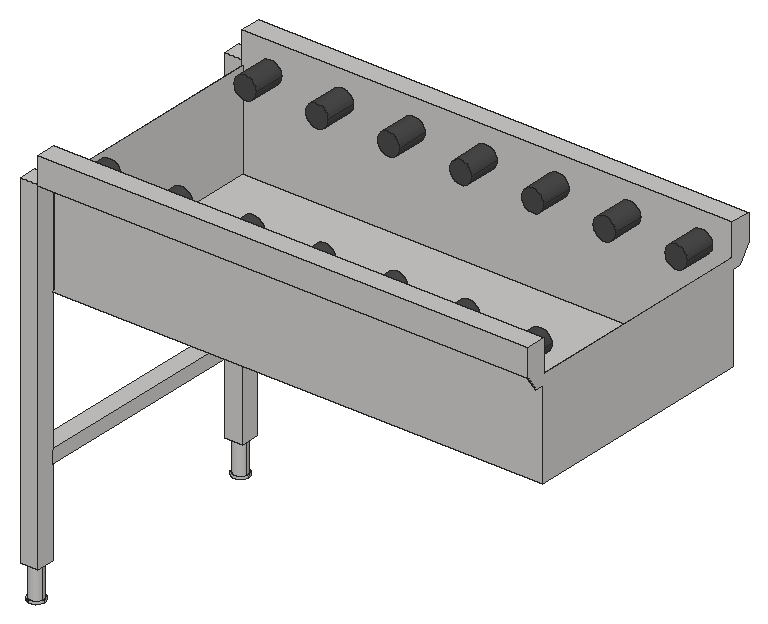
Revit family "QF_ELECTROLUXPROFESSIONAL_865211_HSSRDB11", category Specialty Equipment, Revit 2018
Family settings
  Round Connector Dimension = Use Diameter
  Part Type = Normal
  Work Plane-Based = No
  Always vertical = Yes
  Cut with Voids When Loaded = No
  Shared = No
  Room Calculation Point = No
Parameters
  Weight = 0.00 kg
  Watts = 0 W
  Volts = 0 V
  URL Manufacturer = "http://professional.electrolux.com/"
  URL = "http://professional.electrolux.com/"
  Steam Supply Size = 0 mm
  Steam Supply Minimum Pressure = 0.0 Pa
  Steam Supply Maximum Pressure = 0.0 Pa
  Steam Pounds per Hour = 0
  Refrigeration Suction Line Size = 0 mm
  Refrigeration Liquid Line Size = 0 mm
  Refrigerant Compressor Remote = yes
  Manufacturer = "Electrolux"
  Phase = 0
  Model = "HSSRDB11"
  Length Actual = 1100 mm  # constant formula
  Item Number = "865211"
  Hot Water Size = 0 mm
  Height Actual = 910 mm  # constant formula
  HP = "0 HP"
  Gas Size = 0 mm
  Gas KW = 0
  Gas Input Pressure = 0 W
  Description = "SHORT ROLLER CONVEYOR WITH DEEP BASIN, L=1100MM"
  Depth Actual = 620 mm  # constant formula
  Cycle = 0 Hz
  Condensate Return Size = 0 mm
  Compressed Air Volume = 0.0 L/s
  Compressed Air Size = 0 mm
  Compressed Air Pressure = 0.0 Pa
  Cold Water Size = 0 mm
  Accessory = yes
Reference planes
  plane 1 "Centro (Fronte/Retro)": y = 74.737
  plane 2: z = 0
  plane 3 "LEFT": x = -1038.761
  plane 4 "BACK": y = 384.737
  plane 5 "FRONT": y = -235.263
  plane 6: z = 910
  plane 7 "RIGHT": x = 61.239
Forms (mm)
  Extrusion 1, solid, material "QF_Finishes_Stainless Steel"
    sketch origin (0, 74.737, 0) x (1, 0, 0) y (0, 0, 1)
      loop
        line (-1079.929, 300) -> (-1079.929, 270) -> (-1039.929, 270) -> (-1039.929, 300) -> (-1079.929, 300)
    from -266.504 to 266.46
  Extrusion 2, solid, material "QF_Finishes_Stainless Steel"
    sketch origin (11.239, 0, 0) x (0, 1, 0) y (0, 0, 1)
      loop
        line (-235.263, 910) -> (-235.263, 850.033) -> (-190.242, 850.033) -> (-190.242, 910) -> (-235.263, 910)
      loop
        line (384.737, 910) -> (339.716, 910) -> (339.716, 850.033) -> (384.737, 850.033) -> (384.737, 910)
    from -1048.8 to 48.8
  Extrusion 3, solid, material "QF_Finishes_Stainless Steel"
    sketch origin (11.239, 0, 0) x (0, 1, 0) y (0, 0, 1)
      loop
        line (-191.727, 850.033) -> (-191.727, 618.033) -> (341.245, 618.033) -> (341.245, 850.033) -> (339.716, 850.033) -> (339.716, 621.033) -> (-190.242, 621.033) -> (-190.242, 850.033) -> (-191.727, 850.033)
    from -1048.8 to 50
  Extrusion 4, solid, material "QF_Finishes_Stainless Steel"
    sketch origin (1061.239, 723.253, 4000) x (0, 1, 0) y (0, 0, 1)
      loop
        line (-958.516, -3090) -> (-958.516, -3149.967) -> (-934.752, -3185.632) -> (-914.981, -3185.632) -> (-914.981, -3381.967) -> (-382.009, -3381.967) -> (-382.009, -3185.632) -> (-362.281, -3185.632) -> (-338.516, -3149.967) -> (-338.516, -3090) -> (-383.538, -3090) -> (-383.538, -3161.926) -> (-913.495, -3161.926) -> (-913.495, -3090) -> (-958.516, -3090)
    from -1000 to -1001.2
  Revolve 5, solid, material "QF_Finishes_Stainless Steel"
    sketch origin (-488.761, 0, 0) x (0, 1, 0) y (0, 0, 1)
      loop
        line (74.737, 618.033) -> (-1.756, 618.033) -> (-1.756, 601.823) -> (0.354, 601.823)
        arc (0.354, 601.823) -> (3.64, 597.973) -> (0.351, 594.125) r 3.897
        line (0.351, 594.125) -> (-1.756, 594.125) -> (-1.756, 551.31)
        arc (-1.756, 551.31) -> (8.91, 520.632) -> (36.296, 503.17) r 49.497
        line (36.296, 503.17) -> (36.296, 500.684) -> (37.487, 497.398) -> (51.25, 491.407) -> (51.25, 455.535) -> (52.727, 454.059) -> (74.737, 454.059) -> (74.737, 618.033)
      axis (74.737, 454.059) -> (74.737, 618.033)
    angle from 0 to 360
  Extrusion 6, solid, material "QF_Finishes_Stainless Steel"
    sketch origin (-537.561, 723.253, 4000) x (0, 1, 0) y (0, 0, 1)
      loop
        line (-958.516, -3090) -> (-958.516, -3149.967) -> (-914.981, -3149.967) -> (-914.981, -3381.967) -> (-382.009, -3381.967) -> (-382.009, -3149.967) -> (-338.516, -3149.967) -> (-338.516, -3090) -> (-383.538, -3090) -> (-383.538, -3161.926) -> (-913.495, -3161.926) -> (-913.495, -3090) -> (-958.516, -3090)
    from -500 to -501.2
  Extrusion 7, solid, material "QF_Finishes_Black"
    sketch origin (0, 74.737, 0) x (1, 0, 0) y (0, 0, -1)
      loop
        circle (-972.513, -850.115) r 25
      loop
        circle (-811.227, -850.115) r 25
      loop
        circle (-649.994, -850.115) r 25
      loop
        circle (-488.761, -850.115) r 25
      loop
        circle (-327.475, -850.115) r 25
      loop
        circle (-166.242, -850.115) r 25
      loop
        circle (-5.035, -850.115) r 25
    from 190.58 to 260.534
  Extrusion 8, solid, material "QF_Finishes_Black"
    sketch origin (0, 74.737, 0) x (1, 0, 0) y (0, 0, 1)
      loop
        circle (-972.513, 850.115) r 25
      loop
        circle (-811.227, 850.115) r 25
      loop
        circle (-649.994, 850.115) r 25
      loop
        circle (-488.761, 850.115) r 25
      loop
        circle (-327.475, 850.115) r 25
      loop
        circle (-166.242, 850.115) r 25
      loop
        circle (-5.035, 850.115) r 25
    from 190.58 to 260.534
Cuts and joins
  joined: Extrusion 2, Extrusion 3, Extrusion 4, Revolve 5, Extrusion 6
Lines and regions (mm)
  Split face 1
    outline origin (559.439, 339.716, 621.033) x (-1, 0, 0) y (0, -1, 0)
      loop
        circle (1048.2, 264.904) r 3.016
  Split face 2
    outline origin (559.439, 339.716, 621.033) x (-1, 0, 0) y (0, -1, 0)
      loop
        circle (1048.2, 264.904) r 52.991
  Split face 3
    outline origin (559.439, 339.716, 621.033) x (-1, 0, 0) y (0, -1, 0)
      loop
        circle (1048.2, 264.904) r 36.015
  Split face 4
    outline origin (559.439, 339.716, 621.033) x (-1, 0, 0) y (0, -1, 0)
      loop
        circle (1048.2, 264.904) r 26.027
  Split face 5
    outline origin (559.439, 339.716, 621.033) x (-1, 0, 0) y (0, -1, 0)
      loop
        circle (1048.2, 264.904) r 9.056
  Masking region 1
    outline origin (0, 0, 0) x (1, 0, 0) y (0, 1, 0)
      loop
        line (-1038.761, 384.737) -> (-1038.761, -235.263) -> (61.239, -235.263) -> (61.239, 384.737) -> (-1038.761, 384.737)
  symbolic lines
    curve 1: line (61.239, 384.737, 0) -> (-1038.761, 384.737, 0)
    curve 2: line (-1038.761, 384.737, 0) -> (-1038.761, -235.263, 0)
    curve 3: line (-1038.761, 339.716, 0) -> (61.239, 339.716, 0)
    curve 4: line (-1038.761, -235.263, 0) -> (61.239, -235.263, 0)
    curve 5: line (61.239, -235.263, 0) -> (61.239, 384.737, 0)
    curve 6: line (61.239, -190.242, 0) -> (-1038.761, -190.242, 0)
    curve 7: line (-947.513, 335.271, 0) -> (-997.513, 335.271, 0)
    curve 8: line (-997.513, 335.271, 0) -> (-997.513, 265.317, 0)
    curve 9: line (-997.513, 265.317, 0) -> (-947.513, 265.317, 0)
    curve 10: line (-947.513, 265.317, 0) -> (-947.513, 335.271, 0)
    curve 11: line (-786.227, 335.271, 0) -> (-836.227, 335.271, 0)
    curve 12: line (-836.227, 335.271, 0) -> (-836.227, 265.317, 0)
    curve 13: line (-836.227, 265.317, 0) -> (-786.227, 265.317, 0)
    curve 14: line (-786.227, 265.317, 0) -> (-786.227, 335.271, 0)
    curve 15: line (-624.994, 335.271, 0) -> (-674.994, 335.271, 0)
    curve 16: line (-674.994, 335.271, 0) -> (-674.994, 265.317, 0)
    curve 17: line (-674.994, 265.317, 0) -> (-624.994, 265.317, 0)
    curve 18: line (-624.994, 265.317, 0) -> (-624.994, 335.271, 0)
    curve 19: line (-463.761, 335.271, 0) -> (-513.761, 335.271, 0)
    curve 20: line (-513.761, 335.271, 0) -> (-513.761, 265.317, 0)
    curve 21: line (-513.761, 265.317, 0) -> (-463.761, 265.317, 0)
    curve 22: line (-463.761, 265.317, 0) -> (-463.761, 335.271, 0)
    curve 23: line (-302.475, 335.271, 0) -> (-352.475, 335.271, 0)
    curve 24: line (-352.475, 335.271, 0) -> (-352.475, 265.317, 0)
    curve 25: line (-352.475, 265.317, 0) -> (-302.475, 265.317, 0)
    curve 26: line (-302.475, 265.317, 0) -> (-302.475, 335.271, 0)
    curve 27: line (-191.242, 335.271, 0) -> (-141.242, 335.271, 0)
    curve 28: line (-141.242, 335.271, 0) -> (-141.242, 265.317, 0)
    curve 29: line (-141.242, 265.317, 0) -> (-191.242, 265.317, 0)
    curve 30: line (-191.242, 265.317, 0) -> (-191.242, 335.271, 0)
    curve 31: line (19.965, 335.271, 0) -> (-30.035, 335.271, 0)
    curve 32: line (-30.035, 335.271, 0) -> (-30.035, 265.317, 0)
    curve 33: line (-30.035, 265.317, 0) -> (19.965, 265.317, 0)
    curve 34: line (19.965, 265.317, 0) -> (19.965, 335.271, 0)
    curve 35: line (-947.513, -185.797, 0) -> (-997.513, -185.797, 0)
    curve 36: line (-997.513, -185.797, 0) -> (-997.513, -115.842, 0)
    curve 37: line (-997.513, -115.842, 0) -> (-947.513, -115.842, 0)
    curve 38: line (-947.513, -115.842, 0) -> (-947.513, -185.797, 0)
    curve 39: line (-786.227, -185.797, 0) -> (-836.227, -185.797, 0)
    curve 40: line (-836.227, -185.797, 0) -> (-836.227, -115.842, 0)
    curve 41: line (-836.227, -115.842, 0) -> (-786.227, -115.842, 0)
    curve 42: line (-786.227, -115.842, 0) -> (-786.227, -185.797, 0)
    curve 43: line (-624.994, -185.797, 0) -> (-674.994, -185.797, 0)
    curve 44: line (-674.994, -185.797, 0) -> (-674.994, -115.842, 0)
    curve 45: line (-674.994, -115.842, 0) -> (-624.994, -115.842, 0)
    curve 46: line (-624.994, -115.842, 0) -> (-624.994, -185.797, 0)
    curve 47: line (-463.761, -185.797, 0) -> (-513.761, -185.797, 0)
    curve 48: line (-513.761, -185.797, 0) -> (-513.761, -115.842, 0)
    curve 49: line (-513.761, -115.842, 0) -> (-463.761, -115.842, 0)
    curve 50: line (-463.761, -115.842, 0) -> (-463.761, -185.797, 0)
    curve 51: line (-302.475, -185.797, 0) -> (-352.475, -185.797, 0)
    curve 52: line (-352.475, -185.797, 0) -> (-352.475, -115.842, 0)
    curve 53: line (-352.475, -115.842, 0) -> (-302.475, -115.842, 0)
    curve 54: line (-302.475, -115.842, 0) -> (-302.475, -185.797, 0)
    curve 55: line (-191.242, -185.797, 0) -> (-141.242, -185.797, 0)
    curve 56: line (-141.242, -185.797, 0) -> (-141.242, -115.842, 0)
    curve 57: line (-141.242, -115.842, 0) -> (-191.242, -115.842, 0)
    curve 58: line (-191.242, -115.842, 0) -> (-191.242, -185.797, 0)
    curve 59: line (19.965, -185.797, 0) -> (-30.035, -185.797, 0)
    curve 60: line (-30.035, -185.797, 0) -> (-30.035, -115.842, 0)
    curve 61: line (-30.035, -115.842, 0) -> (19.965, -115.842, 0)
    curve 62: line (19.965, -115.842, 0) -> (19.965, -185.797, 0)
    curve 63: line (61.239, 74.737, 0) -> (31.239, 74.737, 0)
    curve 64: line (-1038.761, 74.737, 0) -> (-1008.761, 74.737, 0)
    curve 65: arc (-488.761, -1.756, 0) -> (-565.254, 74.737, 0) -> (-488.761, 151.231, 0) r 76.494
    curve 66: arc (-488.761, 151.231, 0) -> (-412.267, 74.737, 0) -> (-488.761, -1.756, 0) r 76.494
    curve 67: arc (-488.761, 96.747, 0) -> (-510.771, 74.737, 0) -> (-488.761, 52.727, 0) r 22.01
    curve 68: arc (-488.761, 52.727, 0) -> (-466.751, 74.737, 0) -> (-488.761, 96.747, 0) r 22.01
Dimensions and locks
  plane 3 "LEFT" to plane 7 "RIGHT" = 1100 mm
  equal spacing: plane 4 "BACK", plane 1 "Centro (Fronte/Retro)", plane 5 "FRONT"
  plane 4 "BACK" to plane 5 "FRONT" = 620 mm
  aligned and locked: level to plane 2
Automatic sketch dimensions
  Extrusion 1 sketch curve to plane 3 "LEFT" = 41.168 mm
  Extrusion 1 sketch curve to plane 3 "LEFT" = 1.168 mm
  level to Extrusion 1 sketch curve = 270 mm
  Extrusion 1 sketch curve to Extrusion 1 sketch curve = 30 mm
  Extrusion 2 sketch curve to plane 5 "FRONT" = 0 mm
  Extrusion 2 sketch curve to plane 6 = 0 mm  (x2)
  Extrusion 2 sketch curve to plane 4 "BACK" = 0 mm
  plane 5 "FRONT" to Extrusion 2 sketch curve = 45.021 mm
  Extrusion 2 sketch curve to plane 4 "BACK" = 45.021 mm
  Extrusion 2 sketch curve to Extrusion 2 sketch curve = 59.967 mm  (x2)
  plane 5 "FRONT" to Extrusion 3 sketch curve = 43.536 mm
  Extrusion 3 sketch curve to Extrusion 3 sketch curve = 1.486 mm
  Extrusion 3 sketch curve to plane 4 "BACK" = 45.021 mm
  Extrusion 3 sketch curve to Extrusion 3 sketch curve = 1.529 mm
  Extrusion 3 sketch curve to plane 6 = 291.967 mm
  Extrusion 3 sketch curve to Extrusion 3 sketch curve = 3 mm
  Extrusion 3 sketch curve to plane 6 = 59.967 mm  (x2)
  Extrusion 4 sketch curve to plane 5 "FRONT" = 0 mm
  Extrusion 4 sketch curve to plane 6 = 0 mm  (x2)
  Extrusion 4 sketch curve to plane 4 "BACK" = 0 mm
  plane 5 "FRONT" to Extrusion 4 sketch curve = 23.764 mm
  plane 5 "FRONT" to Extrusion 4 sketch curve = 43.536 mm
  plane 5 "FRONT" to Extrusion 4 sketch curve = 45.021 mm
  Extrusion 4 sketch curve to plane 4 "BACK" = 45.021 mm
  Extrusion 4 sketch curve to plane 4 "BACK" = 43.492 mm
  Extrusion 4 sketch curve to Extrusion 4 sketch curve = 19.728 mm
  Extrusion 4 sketch curve to Extrusion 4 sketch curve = 59.967 mm  (x2)
  Extrusion 4 sketch curve to Extrusion 4 sketch curve = 11.959 mm
  Extrusion 4 sketch curve to Extrusion 4 sketch curve = 23.706 mm  (x2)
  Extrusion 4 sketch curve to Extrusion 4 sketch curve = 196.335 mm
  Revolve 5 sketch curve to plane 1 "Centro (Fronte/Retro)" = 0 mm  (x2)
  plane 1 "Centro (Fronte/Retro)" to Revolve 5 sketch curve = 22.01 mm
  plane 1 "Centro (Fronte/Retro)" to Revolve 5 sketch curve = 23.487 mm
  plane 1 "Centro (Fronte/Retro)" to Revolve 5 sketch curve = 26.996 mm
  Revolve 5 sketch curve to Revolve 5 sketch curve = 13.764 mm
  Revolve 5 sketch curve to Revolve 5 sketch curve = 1.191 mm
  Revolve 5 sketch curve to Revolve 5 sketch curve = 47.387 mm
  Revolve 5 sketch curve to Revolve 5 sketch curve = 0.003 mm
  Revolve 5 sketch curve to Revolve 5 sketch curve = 0.61 mm
  Revolve 5 sketch curve to Revolve 5 sketch curve = 2.107 mm
  Revolve 5 sketch curve to Revolve 5 sketch curve = 2.11 mm
  level to Revolve 5 sketch curve = 454.059 mm
  Revolve 5 sketch curve to Revolve 5 sketch curve = 1.476 mm
  Revolve 5 sketch curve to Revolve 5 sketch curve = 35.872 mm
  Revolve 5 sketch curve to Revolve 5 sketch curve = 5.991 mm
  Revolve 5 sketch curve to Revolve 5 sketch curve = 3.286 mm
  Revolve 5 sketch curve to Revolve 5 sketch curve = 2.486 mm
  Revolve 5 sketch curve to Revolve 5 sketch curve = 48.139 mm
  Revolve 5 sketch curve to Revolve 5 sketch curve = 42.815 mm
  Revolve 5 sketch curve to Revolve 5 sketch curve = 3.849 mm
  Revolve 5 sketch curve to Revolve 5 sketch curve = 66.706 mm
  Revolve 5 sketch curve to Revolve 5 sketch curve = 3 mm
  Revolve 5 sketch curve to Revolve 5 sketch curve = 14.991 mm
  cut or joined group of Extrusion 2, Extrusion 3, Extrusion 4, Revolve 5, Extrusion 6 to Split face 1 sketch curve = 264.904 mm
  cut or joined group of Extrusion 2, Extrusion 3, Extrusion 4, Revolve 5, Extrusion 6 to Split face 1 sketch curve = 548.8 mm
  cut or joined group of Extrusion 2, Extrusion 3, Extrusion 4, Revolve 5, Extrusion 6 to Split face 2 sketch curve = 264.904 mm
  cut or joined group of Extrusion 2, Extrusion 3, Extrusion 4, Revolve 5, Extrusion 6 to Split face 2 sketch curve = 548.8 mm
  cut or joined group of Extrusion 2, Extrusion 3, Extrusion 4, Revolve 5, Extrusion 6 to Split face 3 sketch curve = 264.904 mm
  cut or joined group of Extrusion 2, Extrusion 3, Extrusion 4, Revolve 5, Extrusion 6 to Split face 3 sketch curve = 548.8 mm
  cut or joined group of Extrusion 2, Extrusion 3, Extrusion 4, Revolve 5, Extrusion 6 to Split face 4 sketch curve = 264.904 mm
  cut or joined group of Extrusion 2, Extrusion 3, Extrusion 4, Revolve 5, Extrusion 6 to Split face 4 sketch curve = 548.8 mm
  cut or joined group of Extrusion 2, Extrusion 3, Extrusion 4, Revolve 5, Extrusion 6 to Split face 5 sketch curve = 264.904 mm
  cut or joined group of Extrusion 2, Extrusion 3, Extrusion 4, Revolve 5, Extrusion 6 to Split face 5 sketch curve = 548.8 mm
  Masking region 1 sketch curve to plane 3 "LEFT" = 0 mm
  Masking region 1 sketch curve to plane 5 "FRONT" = 0 mm
  Masking region 1 sketch curve to plane 7 "RIGHT" = 0 mm
  Masking region 1 sketch curve to plane 4 "BACK" = 0 mm
  Extrusion 6 sketch curve to plane 5 "FRONT" = 0 mm
  Extrusion 6 sketch curve to plane 6 = 0 mm  (x2)
  Extrusion 6 sketch curve to plane 4 "BACK" = 0 mm
  plane 5 "FRONT" to Extrusion 6 sketch curve = 43.536 mm
  plane 5 "FRONT" to Extrusion 6 sketch curve = 45.021 mm
  Extrusion 6 sketch curve to plane 4 "BACK" = 45.021 mm
  Extrusion 6 sketch curve to plane 4 "BACK" = 43.492 mm
  Extrusion 6 sketch curve to Extrusion 6 sketch curve = 59.967 mm  (x2)
  Extrusion 6 sketch curve to Extrusion 6 sketch curve = 11.959 mm
  Extrusion 6 sketch curve to Extrusion 6 sketch curve = 220.041 mm
  plane 3 "LEFT" to Extrusion 7 sketch curve = 66.248 mm
  Extrusion 7 sketch curve to plane 6 = 59.885 mm  (x7)
  Extrusion 7 sketch curve to Extrusion 7 sketch curve = 161.286 mm  (x2)
  Extrusion 7 sketch curve to Extrusion 7 sketch curve = 161.233 mm  (x3)
  Extrusion 7 sketch curve to plane 7 "RIGHT" = 66.274 mm
  plane 3 "LEFT" to Extrusion 8 sketch curve = 66.248 mm
  Extrusion 8 sketch curve to plane 6 = 59.885 mm  (x7)
  Extrusion 8 sketch curve to Extrusion 8 sketch curve = 161.286 mm  (x2)
  Extrusion 8 sketch curve to Extrusion 8 sketch curve = 161.233 mm  (x3)
  Extrusion 8 sketch curve to plane 7 "RIGHT" = 66.274 mm
  plane 1 "Centro (Fronte/Retro)" to curve 64 = 0 mm
  curve 64 to plane 3 "LEFT" = 0 mm
  plane 1 "Centro (Fronte/Retro)" to curve 63 = 0 mm
  curve 5 to plane 5 "FRONT" = 0 mm
  curve 5 to plane 7 "RIGHT" = 0 mm
  curve 5 to plane 4 "BACK" = 0 mm
  plane 3 "LEFT" to curve 35 = 41.248 mm
  plane 3 "LEFT" to curve 7 = 41.248 mm
  curve 36 to curve 38 = 50 mm
  curve 8 to curve 10 = 50 mm
  curve 11 to plane 4 "BACK" = 49.466 mm
  curve 7 to curve 11 = 111.286 mm
  plane 5 "FRONT" to curve 40 = 49.466 mm
  curve 35 to curve 40 = 111.286 mm
  curve 12 to curve 14 = 50 mm
  curve 39 to curve 42 = 50 mm
  curve 13 to curve 16 = 111.233 mm
  plane 5 "FRONT" to curve 43 = 49.466 mm
  curve 39 to curve 43 = 111.233 mm
  curve 16 to curve 17 = 50 mm
  curve 43 to curve 46 = 50 mm
  curve 20 to plane 4 "BACK" = 49.466 mm
  curve 15 to curve 20 = 111.233 mm
  plane 5 "FRONT" to curve 47 = 49.466 mm
  curve 43 to curve 47 = 111.233 mm
  curve 20 to curve 22 = 50 mm
  curve 47 to curve 50 = 50 mm
  curve 21 to curve 24 = 111.286 mm
  plane 5 "FRONT" to curve 52 = 49.466 mm
  curve 47 to curve 52 = 111.286 mm
  curve 24 to curve 25 = 50 mm
  curve 51 to curve 54 = 50 mm
  plane 5 "FRONT" to curve 55 = 49.466 mm
  curve 51 to curve 55 = 111.233 mm
  curve 25 to curve 30 = 111.233 mm
  curve 27 to curve 27 = 50 mm
  curve 57 to curve 56 = 50 mm
  curve 32 to plane 7 "RIGHT" = 91.274 mm
  curve 61 to plane 7 "RIGHT" = 91.274 mm
  curve 62 to plane 7 "RIGHT" = 41.274 mm
  curve 33 to plane 7 "RIGHT" = 41.274 mm
  plane 5 "FRONT" to curve 62 = 49.466 mm
  plane 5 "FRONT" to curve 35 = 49.466 mm
  curve 47 to curve 48 = 69.954 mm
  curve 43 to curve 46 = 69.954 mm
  curve 51 to curve 52 = 69.954 mm
  curve 39 to curve 42 = 69.954 mm
  curve 55 to curve 56 = 69.954 mm
  curve 59 to curve 60 = 69.954 mm
  curve 35 to curve 38 = 69.954 mm
  curve 26 to plane 4 "BACK" = 119.42 mm
  curve 32 to plane 4 "BACK" = 119.42 mm
  curve 29 to curve 32 = 0 mm
  curve 8 to plane 4 "BACK" = 119.42 mm
  curve 22 to curve 19 = 69.954 mm
  curve 18 to curve 20 = 0 mm
  curve 12 to curve 11 = 69.954 mm
  curve 34 to plane 4 "BACK" = 49.466 mm
  curve 30 to plane 4 "BACK" = 49.466 mm
  curve 26 to plane 4 "BACK" = 49.466 mm
  curve 18 to plane 4 "BACK" = 49.466 mm
  curve 10 to plane 4 "BACK" = 49.466 mm
  plane 3 "LEFT" to curve 64 = 30 mm
  curve 63 to plane 7 "RIGHT" = 30 mm
  plane 1 "Centro (Fronte/Retro)" to curve 66 = 0 mm
  curve 20 to curve 66 = 25 mm
  plane 1 "Centro (Fronte/Retro)" to curve 65 = 76.494 mm
  curve 65 to curve 67 = 0 mm  (x2)
  plane 1 "Centro (Fronte/Retro)" to curve 67 = 22.01 mm
  curve 6 to curve 59 = 4.445 mm
  curve 31 to curve 3 = 4.445 mm
  radius of Split face 1 sketch curve = 3.016 mm
  radius of Split face 2 sketch curve = 52.991 mm
  radius of Split face 3 sketch curve = 36.015 mm
  radius of Split face 4 sketch curve = 26.027 mm
  radius of Split face 5 sketch curve = 9.056 mm
  radius of Extrusion 7 sketch curve = 25 mm  (x7)
  radius of Extrusion 8 sketch curve = 25 mm  (x7)
Nested families
  nested 1: "Foot_40x40" at (-1059.929, 361.245, 0), type "Foot_40x40"
    with A 850.033 mm
  nested 2: "Foot_40x40" at (-1059.929, -211.771, 0), type "Foot_40x40"
    with A 850.033 mm
Connectors
  piping at (-488.761, 74.737, 454.059), diameter 30
    settings: on cut or joined group of Extrusion 2, Extrusion 3, Extrusion 4, Revolve 5, Extrusion 6, index 1, connector inside diameter 609.6 mm, connector length 0 mm, flow factor 0, pipe flow 0.0 L/s, pressure drop 0.0 Pa, fitting loss kfactor 0, connector angle 0.00°, fixture units 0, engagement length 0 mm, angle of deflection 0.00°, flow configuration 1, flow direction 2, fitting loss method 0, system type 16, joint type 0, gender type 0, connector reference index -1, connector utility 0, adjustable connector no, is connector primary yes, connector description "Drain"
Definition of nested family "Foot_40x40"
  Parameters
    A [instance] = 850 mm
  Reference planes
    plane 1 "Centro (Fronte/Retro)": y = 0
    plane 2: z = 0
    plane 3 "Centro (Sinistra/Destra)": x = 0
    plane 4: z = 850
  Forms (mm)
    Extrusion 1, solid
      sketch origin (0, 0, 0) x (1, 0, 0) y (0, 1, 0)
        loop
          circle (0, 0) r 18
      from 0 to 5
    Extrusion 2, solid
      sketch origin (0, 0, 5) x (1, 0, 0) y (0, 1, 0)
        loop
          circle (0, 0) r 15
      from 0 to 70
    Extrusion 3, solid
      sketch origin (0, 0, 75) x (1, 0, 0) y (0, 1, 0)
        loop
          line (-20, 20) -> (-20, -20) -> (20, -20) -> (20, 20) -> (-20, 20)
      from 0 to 775
  Dimensions and locks
    "A": plane 4 to plane 2
    aligned and locked: level to plane 2
    aligned and locked: plane 4 to Extrusion 3
    aligned and locked: Extrusion 1 to level
  Automatic sketch dimensions
    plane 1 "Centro (Fronte/Retro)" to Extrusion 1 sketch curve = 0 mm
    Extrusion 1 sketch curve to plane 3 "Centro (Sinistra/Destra)" = 0 mm
    Extrusion 3 sketch curve to Extrusion 3 sketch curve = 40 mm  (x2)
    radius of Extrusion 1 sketch curve = 18 mm
    radius of Extrusion 2 sketch curve to Extrusion 1 = 3 mm
